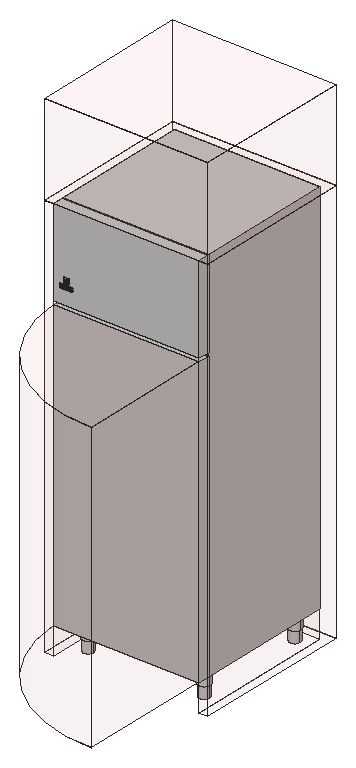
Revit family "QF_ELECTROLUXPROFESSIONAL_725222_ECBCFA100SE", category Attrezzature speciali, Revit 2018
Family settings
  Quota connettore circolare = Usa diametro
  Tipo di parte = Normale
  Basato su piano di lavoro = No
  Sempre verticale = Sì
  Taglio con vuoti quando caricato = No
  Condiviso = No
  Punto di calcolo locali = No
Parameters (values of type "Standard")
  Weight = 230.00 kg
  Watts = 4400 W
  Volts = 380 V
  URL Manufacturer = "https://www.electroluxprofessional.com/"
  URL = "https://www.electroluxprofessional.com/"
  Steam Supply Size = 0 mm
  Steam Supply Minimum Pressure = 0.0 Pa
  Steam Supply Maximum Pressure = 0.0 Pa
  Steam Consumption per Hour = 0
  Show Logo [instance] = yes
  Show Clearance [instance] = yes
  Refrigeration Suction Line Size = 0 mm
  Refrigeration Liquid Line Size = 0 mm
  Refrigerant Compressor Remote = yes
  Produttore = "Electrolux Professional"
  Phase = 3
  Modello = "ECBCFA100SE"
  Length Actual = 800 mm  # constant formula
  Item Number = "725222"
  Hot Water Size = 0 mm
  Height Actual = 2232 mm  # constant formula
  HP = "5.9 HP"
  Gas Size = 0 mm
  Gas KW = 0
  Gas Input Pressure = 0 W
  Direct Waste Size = 0 mm
  Descrizione = "BLAST CHILLER/FREEZER CW 100KG 20 GN 1/1 - R452A"
  Depth Actual = 833 mm  # constant formula
  Cycle = 50 Hz
  Condensate Return Size = 0 mm
  Compressed Air Volume = 0.0 L/s
  Compressed Air Size = 0 mm
  Compressed Air Pressure = 0.0 Pa
  Cold Water Size = 0 mm
  Accessory = yes
Types (2, lengths in mm): name | URL | Produttore | Phase | Modello | Descrizione
  (no name) | 0 | 0 | 0 | 0 | 0
  Standard | "https://www.electroluxprofessional.com/" | "Electrolux Professional" | 3 | "ECBCFA100SE" | "BLAST CHILLER/FREEZER CW 100KG 20 GN 1/1 - R452A"
Values of the unnamed type that differ from the named types
  Weight = 0.00 kg
  Watts = 0 W
  Volts = 0 V
  URL Manufacturer = ""
  Item Number = ""
  HP = ""
  Cycle = 0 Hz
Reference planes
  plane 1 "Center X": y = 131.351
  plane 2: z = 0
  plane 3 "Center Y": x = -359
  plane 4 "LEFT": x = -759
  plane 5 "BACK": y = 547.851
  plane 6 "RIGHT": x = 41
  plane 7 "FRONT": y = -285.149
  plane 8: z = 153
  plane 9 "TOP": z = 2232
  plane 10: x = -678
  plane 11: y = 475.851
  plane 12: x = -40
  plane 13: y = -52.149
  plane 14: z = 2212
  plane 15: y = -1022.149
Forms (mm)
  Extrusion 1, solid, material "QF_Finishes_Stainless Steel"
    sketch origin (0, 0, 2232) x (-1, 0, 0) y (0, -1, 0)
      loop
        line (759, 220.149) -> (-41, 220.149) -> (-41, -547.851) -> (759, -547.851) -> (759, 220.149)
    from 0 to -2079
  Extrusion 2, solid, material "QF_Finishes_Stainless Steel"
    sketch origin (-499.727, 496.851, 2154) x (1, 0, 0) y (0, 0, -1)
      loop
        circle (121.727, 1974) r 10.5
    from 0 to 10
  Extrusion 3, solid, material "QF_Finishes_Stainless Steel"
    sketch origin (-1206.916, -1524, 1911.234) x (-1, 0, 0) y (0, -1, 0)
      loop
        line (-447.916, -1238.851) -> (-1247.916, -1238.851) -> (-1247.916, -1303.851) -> (-447.916, -1303.851) -> (-447.916, -1238.851)
    from 320.766 to -159.234
  Extrusion 4, solid, material "QF_Finishes_Stainless Steel"
    sketch origin (-1206.916, -1636, 183) x (0, -1, 0) y (-1, 0, 0)
      loop
        circle (-1673.851, -847.916) r 9.5
    from 30 to 40
  Extrusion 5, solid, material "QF_Finishes_Stainless Steel"
    sketch origin (-623, 0, 1593.279) x (1, 0, 0) y (0, 1, 0)
      loop
        line (664, -285.149) -> (664, -220.149) -> (-136, -220.149) -> (-136, -285.149) -> (664, -285.149)
    from 139.721 to -1440.279
  Extrusion 6, solid, material "QF_Clearance", visible <- "Show Clearance"
    sketch origin (0, 0, 0) x (1, 0, 0) y (0, 1, 0)
      loop
        line (-759, 547.851) -> (41, 547.851) -> (41, -285.149) -> (91, -285.149) -> (91, 597.851) -> (-809, 597.851) -> (-809, -285.149) -> (-759, -285.149) -> (-759, 547.851)
    from 0 to 2232
  Extrusion 7, solid, material "QF_Clearance", visible <- "Show Clearance"
    sketch origin (0, 0, 0) x (1, 0, 0) y (0, 1, 0)
      loop
        line (-809, 597.851) -> (-809, -285.149) -> (91, -285.149) -> (91, 597.851) -> (-809, 597.851)
    from 2232 to 2732
  Extrusion 8, solid, material "QF_Clearance"
    sketch origin (0, 0, 0) x (1, 0, 0) y (0, 1, 0)
      loop
        line (41, -1022.149) -> (41, -285.149) -> (-759, -285.149)
        arc (-759, -285.149) -> (-508.136, -815.533) -> (41, -1022.149) r 781.976
    from 153 to 1733
  Extrusion 9, solid, material "QF_Finishes_Stainless Steel"
    sketch origin (-1206.916, 517.851, 128.149) x (1, 0, 0) y (0, 0, -1)
      loop
        circle (847.916, -1673.851) r 9.5
    from 30 to 40
Cuts and joins
  joined: Extrusion 1, Extrusion 2, Extrusion 4
Lines and regions (mm)
  Split face 1
    outline origin (41, -285.149, 1561.234) x (-1, 0, 0) y (0, 0, -1)
      loop
        line (800, -272) -> (600, -272) -> (575.858, -247.858) -> (224.142, -247.858) -> (200, -272) -> (0, -272)
  Split face 2
    outline origin (41, -285.149, 1561.234) x (-1, 0, 0) y (0, 0, -1)
      loop
        line (800, -232) -> (0, -232)
  Split face 3
    outline origin (22, -285.149, 1561.234) x (-1, 0, 0) y (0, 0, -1)
      loop
        line (408.5, -305.998) -> (408.5, -290.998) -> (353.5, -290.998) -> (353.5, -305.998) -> (408.5, -305.998)
  Split face 4
    outline origin (22, -285.149, 1536.234) x (-1, 0, 0) y (0, 0, -1)
      loop
        line (408.5, -305.998) -> (408.5, -290.998) -> (353.5, -290.998) -> (353.5, -305.998) -> (408.5, -305.998)
  Split face 5
    outline origin (41, -285.149, 1911.234) x (-1, 0, 0) y (0, 0, -1)
      loop
        line (800, 18.234) -> (0, 18.234)
  symbolic lines
    curve 1: line (-759, 547.851, 2232) -> (41, 547.851, 2232)
    curve 2: line (-759, -285.149, 2232) -> (-759, 547.851, 2232)
    curve 3: line (41, 547.851, 2232) -> (41, -285.149, 2232)
    curve 4: line (41, -285.149, 0) -> (-759, -285.149, 0)
  symbolic lines, style "QF_Clearances"
    curve 5: line (-809, 597.851, 0) -> (-809, -285.149, 0)
    curve 6: line (-809, -285.149, 0) -> (-759, -285.149, 0)
    curve 7: line (91, 597.851, 0) -> (91, -285.149, 0)
    curve 8: line (41, -285.149, 0) -> (91, -285.149, 0)
    curve 9: line (91, 597.851, 0) -> (-809, 597.851, 0)
  symbolic lines, style "QF_Door-Drawer Clearances"
    curve 10: arc (-759, -285.149, 0) -> (-508.136, -815.533, 0) -> (41, -1022.149, 0) r 781.976
    curve 11: line (41, -1022.149, 0) -> (41, -285.149, 0)
Dimensions and locks
  equal spacing: plane 4 "LEFT", plane 3 "Center Y", plane 6 "RIGHT"
  plane 4 "LEFT" to plane 6 "RIGHT" = 800 mm
  plane 5 "BACK" to plane 7 "FRONT" = 833 mm
  equal spacing: plane 5 "BACK", plane 1 "Center X", plane 7 "FRONT"
  cut or joined group of Extrusion 1, Extrusion 2, Extrusion 4 to Extrusion 2 sketch curve = 381 mm
  level to Extrusion 2 sketch curve = 180 mm
  plane 5 "BACK" to Extrusion 4 sketch curve = 510 mm
  plane 4 "LEFT" to Extrusion 4 sketch curve = 400 mm
  Extrusion 2 sketch curve to plane 4 "LEFT" = 381 mm
  plane 9 "TOP" to plane 2 = 2232 mm
  locked: plane 9 "TOP" to plane 14 at 20
  plane 8 to level = 153 mm
  plane 6 "RIGHT" to plane 12 = 81 mm
  plane 5 "BACK" to plane 15 = 1570 mm
  aligned and locked: level to plane 2
  aligned and locked: plane 12 to nested 3
  aligned and locked: plane 12 to nested 2
  aligned and locked: nested 4 to plane 11
  aligned and locked: nested 3 to plane 11
  aligned and locked: Extrusion 1 to plane 4 "LEFT"
  aligned and locked: plane 6 "RIGHT" to Extrusion 1
  aligned and locked: Extrusion 7 sketch curve to Extrusion 6  (x3)
  aligned and locked: Extrusion 7 to plane 9 "TOP"
  aligned and locked: Extrusion 1 to plane 8
  aligned and locked: plane 10 to nested 1
  aligned and locked: plane 10 to nested 4
  aligned and locked: plane 9 "TOP" to Extrusion 1
  aligned and locked: plane 9 "TOP" to Extrusion 6
  aligned and locked: plane 5 "BACK" to Extrusion 1 sketch curve
Automatic sketch dimensions
  curve 6 to plane 7 "FRONT" = 0 mm
  curve 4 to plane 4 "LEFT" = 0 mm
  curve 8 to plane 6 "RIGHT" = 0 mm
  curve 1 to plane 5 "BACK" = 0 mm
  curve 1 to plane 6 "RIGHT" = 0 mm
  curve 2 to plane 4 "LEFT" = 0 mm
  curve 3 to plane 7 "FRONT" = 0 mm
  curve 2 to plane 7 "FRONT" = 0 mm
  Extrusion 3 sketch curve to plane 6 "RIGHT" = 0 mm
  Extrusion 3 sketch curve to plane 4 "LEFT" = 0 mm
  Extrusion 3 sketch curve to plane 7 "FRONT" = 0 mm
  Extrusion 3 sketch curve to Extrusion 3 sketch curve = 65 mm
  Extrusion 5 sketch curve to plane 4 "LEFT" = 0 mm
  Extrusion 5 sketch curve to plane 6 "RIGHT" = 0 mm
  Extrusion 5 sketch curve to plane 7 "FRONT" = 0 mm
  Extrusion 5 sketch curve to Extrusion 5 sketch curve = 65 mm
  Split face 1 sketch curve to Extrusion 3 = 0 mm
  Extrusion 3 to Split face 1 sketch curve = 0 mm
  Split face 1 sketch curve to Extrusion 3 = 81.234 mm
  Split face 1 sketch curve to Split face 1 sketch curve = 200 mm
  Split face 1 sketch curve to Split face 1 sketch curve = 24.142 mm  (x3)
  Split face 1 sketch curve to Extrusion 3 = 57.092 mm
  Split face 1 sketch curve to Extrusion 3 = 224.142 mm
  Split face 2 sketch curve to Extrusion 3 = 0 mm
  Extrusion 3 to Split face 2 sketch curve = 0 mm
  Split face 2 sketch curve to Extrusion 3 = 41.234 mm
  Split face 3 sketch curve to Extrusion 3 = 115.232 mm
  Split face 3 sketch curve to Extrusion 3 = 372.5 mm
  Split face 3 sketch curve to Split face 3 sketch curve = 55 mm
  Split face 3 sketch curve to Split face 3 sketch curve = 15 mm
  Split face 4 sketch curve to Extrusion 3 = 90.232 mm
  Split face 4 sketch curve to Extrusion 3 = 372.5 mm
  Split face 4 sketch curve to Split face 4 sketch curve = 55 mm
  Split face 4 sketch curve to Split face 4 sketch curve = 15 mm
  Split face 5 sketch curve to Extrusion 3 = 0 mm
  Extrusion 3 to Split face 5 sketch curve = 0 mm
  Split face 5 sketch curve to Extrusion 3 = 141 mm
  Extrusion 8 sketch curve to plane 4 "LEFT" = 0 mm
  Extrusion 8 sketch curve to plane 6 "RIGHT" = 0 mm
  Extrusion 8 sketch curve to plane 15 = 0 mm
  Extrusion 8 sketch curve to plane 7 "FRONT" = 0 mm
  Extrusion 8 sketch curve to plane 6 "RIGHT" = 19.305 mm
  Extrusion 9 sketch curve to plane 3 "Center Y" = 0 mm
  plane 8 to Extrusion 9 sketch curve = 1649 mm
  Extrusion 6 sketch curve to plane 7 "FRONT" = 0 mm  (x2)
  Extrusion 6 sketch curve to plane 6 "RIGHT" = 0 mm
  Extrusion 6 sketch curve to plane 4 "LEFT" = 50 mm
  plane 6 "RIGHT" to Extrusion 6 sketch curve = 50 mm
  plane 5 "BACK" to Extrusion 6 sketch curve = 50 mm
  Extrusion 6 sketch curve to plane 5 "BACK" = 0 mm
  Extrusion 6 sketch curve to plane 4 "LEFT" = 0 mm
  plane 5 "BACK" to Extrusion 7 sketch curve = 50 mm
  Extrusion 1 sketch curve to plane 6 "RIGHT" = 0 mm
  Extrusion 1 sketch curve to plane 4 "LEFT" = 0 mm
  plane 7 "FRONT" to Extrusion 1 sketch curve = 65 mm
  curve 10 to plane 15 = 0 mm
  curve 10 to plane 6 "RIGHT" = 19.305 mm
  plane 6 "RIGHT" to curve 9 = 50 mm
  plane 5 "BACK" to curve 7 = 50 mm
  curve 9 to plane 4 "LEFT" = 50 mm
  radius of Extrusion 2 sketch curve = 10.5 mm
  radius of Extrusion 4 sketch curve = 9.5 mm
  radius of Extrusion 9 sketch curve = 9.5 mm
Nested families
  nested 1: "Foot_Complete" at (-678, -148.149, 0), type "Foot_Complete"
    with H 153 mm
  nested 2: "Foot_Complete" at (-40, -148.149, 0), type "Foot_Complete"
    with H 153 mm
  nested 3: "Foot_Complete" at (-40, 475.851, 0), type "Foot_Complete"
    with H 153 mm
  nested 4: "Foot_Complete" at (-678, 475.851, 0), type "Foot_Complete"
    with H 153 mm
  nested 5: "ELX_Pro_Logo" at (-689, -285.149, 1859.25) x (1, 0, 0) z (0, -1, 0), type "ELX_Pro_Logo"
Connectors
  piping at (-359, 37.851, 143), diameter 19
    settings: on cut or joined group of Extrusion 1, Extrusion 2, Extrusion 4, index 6, connector inside diameter 609.6 mm, connector length 0 mm, flow factor 0, pipe flow 0.0 L/s, pressure drop 0.0 Pa, fitting loss kfactor 0, connector angle 0.00°, fixture units 0, engagement length 0 mm, angle of deflection 0.00°, flow configuration 1, flow direction 2, fitting loss method 0, system type 16, joint type 0, gender type 0, connector reference index -1, connector utility 0, adjustable connector no, is connector primary yes, connector description "Drain"
  electrical at (-359, 557.851, 1802)
    settings: on Extrusion 9, index 7, voltage 0 V, apparent load 0 VA, apparent load phase1 0 VA, apparent load phase2 0 VA, apparent load phase3 0 VA, power factor 1, load classification "Altro", number of poles 1, system type 30, power factor state 1, is connector primary yes, connector utility no, sub classification motor no, connector description ""
Definition of nested family "Foot_Complete"
  Parameters
    R = 32 mm
    H = 150 mm
  Reference planes
    plane 1 "Centro (Fronte/Retro)": y = 0
    plane 2: z = 0
    plane 3 "Centro (Sinistra/Destra)": x = 0
    plane 4: z = 150
  Forms (mm)
    Revolve 1, solid
      sketch origin (255.05, 0, 608.09) x (0, 0, 1) y (-1, 0, 0)
        loop
          line (-608.09, 255.05) -> (-608.09, 226.55) -> (-544.09, 226.55) -> (-544.09, 223.05) -> (-458.09, 223.05) -> (-458.09, 255.05) -> (-608.09, 255.05)
        axis (-608.09, 255.05) -> (-458.09, 255.05)
      angle from 0 to 360
  Dimensions and locks
    locked: level to Revolve 1 sketch curve at 64
    "R": Revolve 1 sketch curve to plane 3 "Centro (Sinistra/Destra)"
    "H": plane 4 to level
    aligned and locked: level to plane 2
    aligned and locked: plane 4 to Revolve 1 sketch curve
    aligned and locked: Revolve 1 sketch curve to level
    aligned and locked: plane 3 "Centro (Sinistra/Destra)" to Revolve 1 sketch curve
  Automatic sketch dimensions
    Revolve 1 sketch curve to plane 3 "Centro (Sinistra/Destra)" = 0 mm
    plane 3 "Centro (Sinistra/Destra)" to Revolve 1 sketch curve = 28.5 mm
    Revolve 1 sketch curve to Revolve 1 sketch curve = 50 mm
    Revolve 1 sketch curve to Revolve 1 sketch curve = 20 mm
Definition of nested family "ELX_Pro_Logo"
  Parameters (values of type "ELX_Pro_Logo")
    M = none
    Default Elevation = 0 mm
  Reference planes
    plane 1 "Centro (Fronte/Retro)": y = 0
    plane 2: z = 0
    plane 3 "Centro (Sinistra/Destra)": x = 0
  Forms (mm)
    Extrusion 1, solid
      sketch origin (0, 0, 0) x (1, 0, 0) y (0, 1, 0)
        loop
          line (-1219.2, 1219.2) -> (-1219.2, -1219.2) -> (1219.2, -1219.2) -> (1219.2, 1219.2) -> (-1219.2, 1219.2)
      from 0 to -304.8
    Extrusion 2, solid, material <- "M"
      sketch origin (-144.622, -1081.55, 0) x (-1, 0, 0) y (0, -1, 0)
        loop
          line (-111.329, -1069.559) -> (-111.329, -1071.073) -> (-116.048, -1071.073) -> (-116.048, -1072.896) -> (-111.328, -1072.896) -> (-111.328, -1075.549) -> (-116.349, -1075.549) -> (-116.349, -1077.368) -> (-109.396, -1077.368) -> (-109.396, -1073.46) -> (-109.396, -1069.659)
          arc (-109.396, -1069.659) -> (-110.425, -1067.175) -> (-112.909, -1066.146) r 3.513
          line (-112.909, -1066.146) -> (-116.483, -1066.146) -> (-116.483, -1067.963) -> (-112.925, -1067.963)
          arc (-112.925, -1067.963) -> (-111.797, -1068.431) -> (-111.329, -1069.559) r 1.596
        loop
          line (-119.79, -1077.358) -> (-117.856, -1077.358) -> (-117.856, -1072.053) -> (-117.856, -1066.132) -> (-119.79, -1066.132) -> (-119.79, -1072.092) -> (-119.79, -1077.358)
        loop
          line (-122.986, -1069.718) -> (-129.327, -1069.718)
          arc (-129.327, -1069.718) -> (-129.219, -1071.449) -> (-128.497, -1073.026) r 4.757
          arc (-128.497, -1073.026) -> (-125.237, -1074.5) -> (-121.978, -1073.026) r 4.34
          arc (-121.978, -1073.026) -> (-121.072, -1070.207) -> (-121.978, -1067.388) r 4.838
          arc (-121.978, -1067.388) -> (-125.393, -1065.933) -> (-128.809, -1067.388) r 4.737
          line (-128.809, -1067.388) -> (-127.645, -1068.52)
          arc (-127.645, -1068.52) -> (-125.509, -1067.576) -> (-123.374, -1068.52) r 2.888
          arc (-123.374, -1068.52) -> (-123.05, -1069.077) -> (-122.986, -1069.718) r 1.527
        loop
          arc (-127.386, -1071.076) -> (-126.67, -1072.331) -> (-125.331, -1072.872) r 2.201
          arc (-125.331, -1072.872) -> (-123.848, -1072.402) -> (-123.033, -1071.076) r 2.23
          line (-123.033, -1071.076) -> (-127.386, -1071.076)
        loop
          line (-136.862, -1071.886) -> (-138.059, -1073.132)
          arc (-138.059, -1073.132) -> (-130.327, -1070.219) -> (-138.059, -1067.306) r 4.415
          line (-138.059, -1067.306) -> (-136.862, -1068.553)
          arc (-136.862, -1068.553) -> (-132.252, -1070.22) -> (-136.862, -1071.886) r 2.606
        loop
          line (-141.192, -1069.673) -> (-141.192, -1072.494) -> (-142.951, -1072.494) -> (-142.951, -1074.25) -> (-141.195, -1074.25) -> (-141.195, -1077.358) -> (-139.262, -1077.358) -> (-139.262, -1073.332) -> (-139.262, -1069.514)
          arc (-139.262, -1069.514) -> (-140.299, -1066.92) -> (-142.98, -1066.132) r 3.196
          line (-142.98, -1066.132) -> (-142.987, -1067.949)
          arc (-142.987, -1067.949) -> (-141.652, -1068.356) -> (-141.192, -1069.673) r 1.542
        loop
          line (-146.494, -1073.042) -> (-146.494, -1074.25) -> (-144.576, -1074.25) -> (-144.576, -1070.271) -> (-144.576, -1066.132) -> (-146.494, -1066.132) -> (-146.494, -1070.401)
          arc (-146.494, -1070.401) -> (-147.446, -1072.228) -> (-149.489, -1072.494) r 2.229
          line (-149.489, -1072.494) -> (-149.489, -1074.362)
          arc (-149.489, -1074.362) -> (-147.761, -1074.226) -> (-146.494, -1073.042) r 2.627
        loop
          line (-159.833, -1072.246) -> (-159.833, -1066.131) -> (-161.767, -1066.131) -> (-161.767, -1072.17) -> (-161.767, -1077.359) -> (-159.833, -1077.359) -> (-159.833, -1072.246)
        loop
          line (-165.194, -1069.514) -> (-165.194, -1074.25) -> (-163.245, -1074.25) -> (-163.245, -1071.898) -> (-163.245, -1069.098)
          arc (-163.245, -1069.098) -> (-166.96, -1065.769) -> (-170.687, -1069.085) r 3.745
          line (-170.687, -1069.085) -> (-170.687, -1071.898) -> (-170.687, -1074.25) -> (-168.739, -1074.25) -> (-168.739, -1069.514)
          arc (-168.739, -1069.514) -> (-166.967, -1067.742) -> (-165.194, -1069.514) r 1.772
        loop
          line (-174.654, -1070.416) -> (-172.975, -1068.078) -> (-171.578, -1066.131) -> (-173.656, -1066.131) -> (-175.717, -1068.999) -> (-177.779, -1066.131) -> (-179.857, -1066.131) -> (-178, -1068.728) -> (-176.781, -1070.433) -> (-178.29, -1072.488) -> (-179.583, -1074.25) -> (-177.473, -1074.25) -> (-175.717, -1071.818) -> (-173.945, -1074.25) -> (-171.852, -1074.25) -> (-173.052, -1072.608) -> (-174.654, -1070.416)
        loop
          circle (-154.223, -1070.188) r 2.508
        loop
          circle (-154.223, -1070.188) r 4.42
        loop
          line (-110.224, -1058.542) -> (-111.194, -1058.542)
          arc (-111.194, -1058.542) -> (-112.217, -1059.95) -> (-110.924, -1061.114) r 1.3
          line (-110.924, -1061.114) -> (-109.424, -1061.114) -> (-109.424, -1057.223) -> (-110.224, -1057.223) -> (-110.224, -1058.542)
        loop
          line (-110.224, -1060.379) -> (-110.224, -1059.293) -> (-111.03, -1059.293)
          arc (-111.03, -1059.293) -> (-111.43, -1059.836) -> (-111.03, -1060.379) r 0.569
          line (-111.03, -1060.379) -> (-110.224, -1060.379)
        loop
          line (-116.302, -1058.564) -> (-117.128, -1058.564) -> (-117.934, -1057.223) -> (-118.841, -1057.223) -> (-117.833, -1058.884)
          arc (-117.833, -1058.884) -> (-118.214, -1060.282) -> (-117.028, -1061.114) r 1.26
          line (-117.028, -1061.114) -> (-115.503, -1061.114) -> (-115.503, -1057.223) -> (-116.302, -1057.223) -> (-116.302, -1058.564)
        loop
          line (-116.302, -1060.379) -> (-116.302, -1059.293) -> (-117.109, -1059.293)
          arc (-117.109, -1059.293) -> (-117.508, -1059.836) -> (-117.109, -1060.379) r 0.569
          line (-117.109, -1060.379) -> (-116.302, -1060.379)
        loop
          line (-128.923, -1057.223) -> (-129.723, -1057.223) -> (-129.723, -1058.714) -> (-131.187, -1058.714) -> (-131.187, -1059.514) -> (-129.723, -1059.514) -> (-129.723, -1060.314) -> (-131.327, -1060.314) -> (-131.327, -1061.114) -> (-128.923, -1061.114) -> (-128.923, -1057.223)
        loop
          arc (-134.628, -1058.469) -> (-134.992, -1057.588) -> (-135.874, -1057.223) r 1.246
          line (-135.874, -1057.223) -> (-137.13, -1057.223) -> (-137.13, -1058.023) -> (-135.969, -1058.023)
          arc (-135.969, -1058.023) -> (-135.53, -1058.237) -> (-135.427, -1058.714) r 0.558
          line (-135.427, -1058.714) -> (-136.984, -1058.714) -> (-136.984, -1059.514) -> (-135.427, -1059.514) -> (-135.427, -1060.314) -> (-137.092, -1060.314) -> (-137.092, -1061.114) -> (-134.628, -1061.114) -> (-134.628, -1058.469)
        loop
          line (-152.3, -1057.223) -> (-153.1, -1057.223) -> (-153.1, -1061.114) -> (-152.3, -1061.114) -> (-152.3, -1057.223)
        loop
          line (-164.67, -1057.223) -> (-164.67, -1059.67) -> (-166.45, -1057.223) -> (-167.25, -1057.223) -> (-167.25, -1061.114) -> (-166.42, -1061.114) -> (-166.42, -1058.594) -> (-164.64, -1061.114) -> (-163.84, -1061.114) -> (-163.84, -1057.223) -> (-164.67, -1057.223)
        loop
          line (-170.403, -1057.223) -> (-171.262, -1057.223) -> (-171.641, -1058.063) -> (-173.08, -1058.063) -> (-173.459, -1057.223) -> (-174.317, -1057.223) -> (-172.796, -1061.113) -> (-171.996, -1061.113) -> (-170.403, -1057.223)
        loop
          line (-177.493, -1057.223) -> (-179.789, -1057.223) -> (-179.789, -1058.023) -> (-178.293, -1058.023) -> (-178.293, -1061.114) -> (-177.493, -1061.114) -> (-177.493, -1057.223)
        loop
          line (-172.362, -1059.848) -> (-171.945, -1058.83) -> (-172.76, -1058.83) -> (-172.362, -1059.848)
        loop
          circle (-158.484, -1059.145) r 1.288
        loop
          circle (-158.484, -1059.145) r 2.065
        loop
          arc (-146.04, -1058.095) -> (-146.933, -1057.275) -> (-148.145, -1057.245) r 1.725
          arc (-148.145, -1057.245) -> (-148.965, -1058.02) -> (-148.68, -1059.111) r 1.107
          arc (-148.68, -1059.111) -> (-148.103, -1059.465) -> (-147.486, -1059.746) r 5.523
          arc (-147.486, -1059.746) -> (-147.147, -1060.262) -> (-147.708, -1060.52) r 0.407
          arc (-147.708, -1060.52) -> (-148.045, -1060.315) -> (-148.325, -1060.038) r 1.702
          line (-148.325, -1060.038) -> (-149.011, -1060.45)
          arc (-149.011, -1060.45) -> (-148.578, -1060.911) -> (-148.043, -1061.247) r 2.463
          arc (-148.043, -1061.247) -> (-146.373, -1060.466) -> (-147.42, -1058.949) r 1.207
          spline (-147.42, -1058.949) -> (-147.716, -1058.809) -> (-147.932, -1058.678) -> (-148.077, -1058.557) -> (-148.163, -1058.446) -> (-148.198, -1058.347) -> (-148.192, -1058.258) -> (-148.157, -1058.182) -> (-148.102, -1058.118) -> (-148.037, -1058.068) -> (-147.972, -1058.031) -> (-147.917, -1058.008) -> (-147.883, -1058)
          arc (-147.883, -1058) -> (-147.238, -1058.014) -> (-146.759, -1058.446) r 0.925
          line (-146.759, -1058.446) -> (-146.04, -1058.095)
        loop
          arc (-140.18, -1058.095) -> (-141.073, -1057.275) -> (-142.285, -1057.245) r 1.725
          arc (-142.285, -1057.245) -> (-143.106, -1058.02) -> (-142.821, -1059.111) r 1.107
          arc (-142.821, -1059.111) -> (-142.243, -1059.465) -> (-141.627, -1059.746) r 5.523
          arc (-141.627, -1059.746) -> (-141.287, -1060.262) -> (-141.849, -1060.52) r 0.407
          arc (-141.849, -1060.52) -> (-142.185, -1060.315) -> (-142.466, -1060.038) r 1.702
          line (-142.466, -1060.038) -> (-143.151, -1060.45)
          arc (-143.151, -1060.45) -> (-142.719, -1060.911) -> (-142.183, -1061.247) r 2.463
          arc (-142.183, -1061.247) -> (-140.513, -1060.466) -> (-141.56, -1058.949) r 1.207
          spline (-141.56, -1058.949) -> (-141.856, -1058.809) -> (-142.072, -1058.678) -> (-142.218, -1058.557) -> (-142.303, -1058.446) -> (-142.338, -1058.347) -> (-142.333, -1058.258) -> (-142.298, -1058.182) -> (-142.242, -1058.118) -> (-142.177, -1058.068) -> (-142.112, -1058.031) -> (-142.057, -1058.008) -> (-142.023, -1058)
          arc (-142.023, -1058) -> (-141.378, -1058.014) -> (-140.9, -1058.446) r 0.925
          line (-140.9, -1058.446) -> (-140.18, -1058.095)
        loop
          circle (-123.484, -1059.145) r 1.288
        loop
          circle (-123.484, -1059.145) r 2.065
        loop
          line (-130.225, -1113.361) -> (-130.225, -1084.645) -> (-158.979, -1084.645) -> (-158.979, -1113.361) -> (-130.225, -1113.361)
        loop
          arc (-148.442, -1086.055) -> (-157.992, -1098.973) -> (-148.442, -1111.892) r 13.512
          line (-148.442, -1111.892) -> (-148.442, -1086.055)
        loop
          line (-147.127, -1086.055) -> (-147.127, -1087.926)
          arc (-147.127, -1087.926) -> (-143.116, -1095.125) -> (-135.48, -1098.224) r 12.412
          line (-135.48, -1098.224) -> (-131.205, -1098.224)
          arc (-131.205, -1098.224) -> (-136.382, -1088.497) -> (-147.127, -1086.055) r 13.242
        loop
          line (-147.127, -1110.021) -> (-147.127, -1112.224)
          arc (-147.127, -1112.224) -> (-136.374, -1109.53) -> (-131.205, -1099.722) r 13.588
          line (-131.205, -1099.722) -> (-135.48, -1099.722)
          arc (-135.48, -1099.722) -> (-143.116, -1102.822) -> (-147.127, -1110.021) r 12.412
      from 0 to 1.6
  Lines and regions (mm)
    symbolic lines
      curve 1: line (-14.357, 31.811, 0) -> (14.357, 31.811, 0)
      curve 2: line (-14.357, 3.095, 0) -> (-14.357, 31.811, 0)
      curve 3: line (14.357, 3.095, 0) -> (-14.357, 3.095, 0)
      curve 4: line (14.357, 31.811, 0) -> (14.357, 3.095, 0)
      curve 5: line (-8.32, 7.722, 0) -> (-9.387, 8.738, 0)
      curve 6: line (-9.387, 8.738, 0) -> (-10.331, 9.866, 0)
      curve 7: line (-10.331, 9.866, 0) -> (-11.141, 11.095, 0)
      curve 8: line (-11.141, 11.095, 0) -> (-11.805, 12.411, 0)
      curve 9: line (-11.805, 12.411, 0) -> (-12.31, 13.803, 0)
      curve 10: line (-12.31, 13.803, 0) -> (-12.646, 15.26, 0)
      curve 11: line (-12.646, 15.26, 0) -> (-12.8, 16.77, 0)
      curve 12: line (-12.8, 16.77, 0) -> (-10.081, 16.77, 0)
      curve 13: line (-10.081, 16.77, 0) -> (-8.466, 16.661, 0)
      curve 14: line (-8.466, 16.661, 0) -> (-6.88, 16.344, 0)
      curve 15: line (-6.88, 16.344, 0) -> (-5.345, 15.833, 0)
      curve 16: line (-5.345, 15.833, 0) -> (-3.882, 15.143, 0)
      curve 17: line (-3.882, 15.143, 0) -> (-2.511, 14.288, 0)
      curve 18: line (-2.511, 14.288, 0) -> (-1.255, 13.283, 0)
      curve 19: line (-1.255, 13.283, 0) -> (-0.135, 12.143, 0)
      curve 20: line (-0.135, 12.143, 0) -> (0.83, 10.882, 0)
      curve 21: line (0.83, 10.882, 0) -> (1.616, 9.515, 0)
      curve 22: arc (1.616, 9.515, 0) -> (2.419, 7.28, 0) -> (2.7, 4.923, 0) r 10.532
      curve 23: arc (2.7, 4.923, 0) -> (1.362, 4.715, 0) -> (0.011, 4.633, 0) r 14.39
      curve 24: line (0.011, 4.633, 0) -> (-1.56, 4.731, 0)
      curve 25: line (-1.56, 4.731, 0) -> (-3.062, 5.011, 0)
      curve 26: line (-3.062, 5.011, 0) -> (-4.502, 5.462, 0)
      curve 27: line (-4.502, 5.462, 0) -> (-5.866, 6.072, 0)
      curve 28: line (-5.866, 6.072, 0) -> (-7.142, 6.829, 0)
      curve 29: line (-7.142, 6.829, 0) -> (-8.32, 7.722, 0)
      curve 30: line (-10.802, 24.24, 0) -> (-9.872, 25.531, 0)
      curve 31: line (-9.872, 25.531, 0) -> (-8.796, 26.699, 0)
      curve 32: line (-8.796, 26.699, 0) -> (-7.587, 27.728, 0)
      curve 33: line (-7.587, 27.728, 0) -> (-6.258, 28.602, 0)
      curve 34: line (-6.258, 28.602, 0) -> (-4.823, 29.309, 0)
      curve 35: line (-4.823, 29.309, 0) -> (-3.293, 29.832, 0)
      curve 36: line (-3.293, 29.832, 0) -> (-1.683, 30.156, 0)
      curve 37: arc (-1.683, 30.156, 0) -> (0.517, 30.256, 0) -> (2.702, 29.984, 0) r 13.008
      curve 38: arc (2.702, 29.984, 0) -> (2.453, 27.616, 0) -> (1.617, 25.387, 0) r 9.395
      curve 39: line (1.617, 25.387, 0) -> (0.83, 24.018, 0)
      curve 40: line (0.83, 24.018, 0) -> (-0.134, 22.756, 0)
      curve 41: line (-0.134, 22.756, 0) -> (-1.255, 21.615, 0)
      curve 42: line (-1.255, 21.615, 0) -> (-2.512, 20.609, 0)
      curve 43: line (-2.512, 20.609, 0) -> (-3.882, 19.754, 0)
      curve 44: line (-3.882, 19.754, 0) -> (-5.346, 19.063, 0)
      curve 45: line (-5.346, 19.063, 0) -> (-6.881, 18.551, 0)
      curve 46: line (-6.881, 18.551, 0) -> (-8.467, 18.234, 0)
      curve 47: line (-8.467, 18.234, 0) -> (-10.083, 18.125, 0)
      curve 48: line (-10.083, 18.125, 0) -> (-12.798, 18.125, 0)
      curve 49: line (-12.798, 18.125, 0) -> (-12.584, 19.768, 0)
      curve 50: line (-12.584, 19.768, 0) -> (-12.171, 21.343, 0)
      curve 51: line (-12.171, 21.343, 0) -> (-11.572, 22.839, 0)
      curve 52: line (-11.572, 22.839, 0) -> (-10.802, 24.24, 0)
      curve 53: line (4.048, 5.294, 0) -> (4.048, 29.617, 0)
      curve 54: line (4.048, 29.617, 0) -> (5.525, 29.026, 0)
      curve 55: line (5.525, 29.026, 0) -> (6.905, 28.26, 0)
      curve 56: line (6.905, 28.26, 0) -> (8.174, 27.332, 0)
      curve 57: line (8.174, 27.332, 0) -> (9.318, 26.256, 0)
      curve 58: line (9.318, 26.256, 0) -> (10.323, 25.046, 0)
      curve 59: line (10.323, 25.046, 0) -> (11.177, 23.715, 0)
      curve 60: line (11.177, 23.715, 0) -> (11.865, 22.277, 0)
      curve 61: line (11.865, 22.277, 0) -> (12.375, 20.746, 0)
      curve 62: line (12.375, 20.746, 0) -> (12.693, 19.135, 0)
      curve 63: line (12.693, 19.135, 0) -> (12.804, 17.459, 0)
      curve 64: line (12.804, 17.459, 0) -> (12.702, 15.807, 0)
      curve 65: line (12.702, 15.807, 0) -> (12.396, 14.216, 0)
      curve 66: line (12.396, 14.216, 0) -> (11.897, 12.7, 0)
      curve 67: line (11.897, 12.7, 0) -> (11.218, 11.271, 0)
      curve 68: line (11.218, 11.271, 0) -> (10.372, 9.944, 0)
      curve 69: line (10.372, 9.944, 0) -> (9.37, 8.731, 0)
      curve 70: line (9.37, 8.731, 0) -> (8.224, 7.646, 0)
      curve 71: line (8.224, 7.646, 0) -> (6.947, 6.703, 0)
      curve 72: line (6.947, 6.703, 0) -> (5.551, 5.914, 0)
      curve 73: line (5.551, 5.914, 0) -> (4.048, 5.294, 0)
      curve 74: line (-35.227, -8.09, 0) -> (-35.227, -11.891, 0)
      curve 75: arc (-35.227, -11.891, 0) -> (-34.198, -14.375, 0) -> (-31.714, -15.404, 0) r 3.513
      curve 76: line (-31.714, -15.404, 0) -> (-28.139, -15.404, 0)
      curve 77: line (-28.139, -15.404, 0) -> (-28.139, -13.587, 0)
      curve 78: line (-28.139, -13.587, 0) -> (-31.697, -13.587, 0)
      curve 79: arc (-31.697, -13.587, 0) -> (-32.826, -13.119, 0) -> (-33.293, -11.991, 0) r 1.596
      curve 80: line (-33.293, -11.991, 0) -> (-33.293, -10.477, 0)
      curve 81: line (-33.293, -10.477, 0) -> (-28.574, -10.477, 0)
      curve 82: line (-28.574, -10.477, 0) -> (-28.574, -8.654, 0)
      curve 83: line (-28.574, -8.654, 0) -> (-33.294, -8.654, 0)
      curve 84: line (-33.294, -8.654, 0) -> (-33.294, -6.001, 0)
      curve 85: line (-33.294, -6.001, 0) -> (-28.273, -6.001, 0)
      curve 86: line (-28.273, -6.001, 0) -> (-28.273, -4.182, 0)
      curve 87: line (-28.273, -4.182, 0) -> (-35.227, -4.182, 0)
      curve 88: line (-35.227, -4.182, 0) -> (-35.227, -8.09, 0)
      curve 89: line (-24.833, -9.458, 0) -> (-24.833, -4.192, 0)
      curve 90: line (-24.833, -4.192, 0) -> (-26.766, -4.192, 0)
      curve 91: line (-26.766, -4.192, 0) -> (-26.766, -9.497, 0)
      curve 92: line (-26.766, -9.497, 0) -> (-26.766, -15.418, 0)
      curve 93: line (-26.766, -15.418, 0) -> (-24.833, -15.418, 0)
      curve 94: line (-24.833, -15.418, 0) -> (-24.833, -9.458, 0)
      curve 95: arc (-16.125, -8.524, 0) -> (-19.385, -7.05, 0) -> (-22.645, -8.524, 0) r 4.34
      curve 96: arc (-22.645, -8.524, 0) -> (-23.551, -11.343, 0) -> (-22.645, -14.162, 0) r 4.838
      curve 97: arc (-22.645, -14.162, 0) -> (-19.229, -15.617, 0) -> (-15.813, -14.162, 0) r 4.737
      curve 98: line (-15.813, -14.162, 0) -> (-16.978, -13.03, 0)
      curve 99: arc (-16.978, -13.03, 0) -> (-19.113, -13.974, 0) -> (-21.249, -13.03, 0) r 2.888
      curve 100: arc (-21.249, -13.03, 0) -> (-21.572, -12.473, 0) -> (-21.637, -11.832, 0) r 1.527
      curve 101: line (-21.637, -11.832, 0) -> (-15.295, -11.832, 0)
      curve 102: arc (-15.295, -11.832, 0) -> (-15.404, -10.101, 0) -> (-16.125, -8.524, 0) r 4.757
      curve 103: line (-17.236, -10.474, 0) -> (-21.589, -10.474, 0)
      curve 104: arc (-21.589, -10.474, 0) -> (-20.774, -9.148, 0) -> (-19.291, -8.678, 0) r 2.23
      curve 105: arc (-19.291, -8.678, 0) -> (-17.952, -9.219, 0) -> (-17.236, -10.474, 0) r 2.201
      curve 106: arc (-6.563, -8.418, 0) -> (-14.295, -11.331, 0) -> (-6.563, -14.244, 0) r 4.415
      curve 107: line (-6.563, -14.244, 0) -> (-7.761, -12.997, 0)
      curve 108: arc (-7.761, -12.997, 0) -> (-12.371, -11.33, 0) -> (-7.761, -9.664, 0) r 2.606
      curve 109: line (-7.761, -9.664, 0) -> (-6.563, -8.418, 0)
      curve 110: line (-5.361, -4.192, 0) -> (-5.361, -8.218, 0)
      curve 111: line (-5.361, -8.218, 0) -> (-5.361, -12.036, 0)
      curve 112: arc (-5.361, -12.036, 0) -> (-4.323, -14.63, 0) -> (-1.642, -15.418, 0) r 3.196
      curve 113: line (-1.642, -15.418, 0) -> (-1.636, -13.601, 0)
      curve 114: arc (-1.636, -13.601, 0) -> (-2.97, -13.194, 0) -> (-3.43, -11.877, 0) r 1.542
      curve 115: line (-3.43, -11.877, 0) -> (-3.43, -9.056, 0)
      curve 116: line (-3.43, -9.056, 0) -> (-1.672, -9.056, 0)
      curve 117: line (-1.672, -9.056, 0) -> (-1.672, -7.299, 0)
      curve 118: line (-1.672, -7.299, 0) -> (-3.427, -7.299, 0)
      curve 119: line (-3.427, -7.299, 0) -> (-3.427, -4.192, 0)
      curve 120: line (-3.427, -4.192, 0) -> (-5.361, -4.192, 0)
      curve 121: line (1.872, -7.3, 0) -> (-0.046, -7.3, 0)
      curve 122: line (-0.046, -7.3, 0) -> (-0.046, -11.279, 0)
      curve 123: line (-0.046, -11.279, 0) -> (-0.046, -15.418, 0)
      curve 124: line (-0.046, -15.418, 0) -> (1.872, -15.418, 0)
      curve 125: line (1.872, -15.418, 0) -> (1.872, -11.149, 0)
      curve 126: arc (1.872, -11.149, 0) -> (2.824, -9.322, 0) -> (4.867, -9.056, 0) r 2.229
      curve 127: line (4.867, -9.056, 0) -> (4.867, -7.188, 0)
      curve 128: arc (4.867, -7.188, 0) -> (3.138, -7.324, 0) -> (1.872, -8.508, 0) r 2.627
      curve 129: line (1.872, -8.508, 0) -> (1.872, -7.3, 0)
      curve 130: arc (7.092, -11.362, 0) -> (9.601, -8.854, 0) -> (12.109, -11.362, 0) r 2.508
      curve 131: arc (12.109, -11.362, 0) -> (9.601, -13.871, 0) -> (7.092, -11.362, 0) r 2.508
      curve 132: arc (5.18, -11.362, 0) -> (9.601, -15.783, 0) -> (14.021, -11.362, 0) r 4.42
      curve 133: arc (14.021, -11.362, 0) -> (9.601, -6.942, 0) -> (5.18, -11.362, 0) r 4.42
      curve 134: line (15.211, -4.191, 0) -> (15.211, -9.304, 0)
      curve 135: line (15.211, -9.304, 0) -> (15.211, -15.419, 0)
      curve 136: line (15.211, -15.419, 0) -> (17.145, -15.419, 0)
      curve 137: line (17.145, -15.419, 0) -> (17.145, -9.38, 0)
      curve 138: line (17.145, -9.38, 0) -> (17.145, -4.191, 0)
      curve 139: line (17.145, -4.191, 0) -> (15.211, -4.191, 0)
      curve 140: line (18.622, -7.299, 0) -> (18.622, -9.652, 0)
      curve 141: line (18.622, -9.652, 0) -> (18.622, -12.452, 0)
      curve 142: arc (18.622, -12.452, 0) -> (22.338, -15.781, 0) -> (26.064, -12.465, 0) r 3.745
      curve 143: line (26.064, -12.465, 0) -> (26.064, -9.652, 0)
      curve 144: line (26.064, -9.652, 0) -> (26.064, -7.299, 0)
      curve 145: line (26.064, -7.299, 0) -> (24.116, -7.299, 0)
      curve 146: line (24.116, -7.299, 0) -> (24.116, -12.036, 0)
      curve 147: arc (24.116, -12.036, 0) -> (22.344, -13.808, 0) -> (20.572, -12.036, 0) r 1.772
      curve 148: line (20.572, -12.036, 0) -> (20.572, -7.299, 0)
      curve 149: line (20.572, -7.299, 0) -> (18.622, -7.299, 0)
      curve 150: line (28.43, -8.942, 0) -> (30.032, -11.134, 0)
      curve 151: line (30.032, -11.134, 0) -> (28.353, -13.472, 0)
      curve 152: line (28.353, -13.472, 0) -> (26.955, -15.419, 0)
      curve 153: line (26.955, -15.419, 0) -> (29.033, -15.419, 0)
      curve 154: line (29.033, -15.419, 0) -> (31.095, -12.551, 0)
      curve 155: line (31.095, -12.551, 0) -> (33.156, -15.419, 0)
      curve 156: line (33.156, -15.419, 0) -> (35.234, -15.419, 0)
      curve 157: line (35.234, -15.419, 0) -> (33.378, -12.822, 0)
      curve 158: line (33.378, -12.822, 0) -> (32.158, -11.117, 0)
      curve 159: line (32.158, -11.117, 0) -> (33.668, -9.062, 0)
      curve 160: line (33.668, -9.062, 0) -> (34.961, -7.3, 0)
      curve 161: line (34.961, -7.3, 0) -> (32.851, -7.3, 0)
      curve 162: line (32.851, -7.3, 0) -> (31.095, -9.732, 0)
      curve 163: line (31.095, -9.732, 0) -> (29.323, -7.3, 0)
      curve 164: line (29.323, -7.3, 0) -> (27.23, -7.3, 0)
      curve 165: line (27.23, -7.3, 0) -> (28.43, -8.942, 0)
      curve 166: line (-35.198, -20.436, 0) -> (-35.198, -24.327, 0)
      curve 167: line (-35.198, -24.327, 0) -> (-34.398, -24.327, 0)
      curve 168: line (-34.398, -24.327, 0) -> (-34.398, -23.008, 0)
      curve 169: line (-34.398, -23.008, 0) -> (-33.428, -23.008, 0)
      curve 170: arc (-33.428, -23.008, 0) -> (-32.405, -21.6, 0) -> (-33.699, -20.436, 0) r 1.3
      curve 171: line (-33.699, -20.436, 0) -> (-35.198, -20.436, 0)
      curve 172: line (-34.398, -22.257, 0) -> (-34.398, -21.171, 0)
      curve 173: line (-34.398, -21.171, 0) -> (-33.592, -21.171, 0)
      curve 174: arc (-33.592, -21.171, 0) -> (-33.192, -21.714, 0) -> (-33.592, -22.257, 0) r 0.569
      curve 175: line (-33.592, -22.257, 0) -> (-34.398, -22.257, 0)
      curve 176: line (-29.12, -20.436, 0) -> (-29.12, -24.327, 0)
      curve 177: line (-29.12, -24.327, 0) -> (-28.32, -24.327, 0)
      curve 178: line (-28.32, -24.327, 0) -> (-28.32, -22.986, 0)
      curve 179: line (-28.32, -22.986, 0) -> (-27.494, -22.986, 0)
      curve 180: line (-27.494, -22.986, 0) -> (-26.688, -24.327, 0)
      curve 181: line (-26.688, -24.327, 0) -> (-25.781, -24.327, 0)
      curve 182: line (-25.781, -24.327, 0) -> (-26.789, -22.666, 0)
      curve 183: arc (-26.789, -22.666, 0) -> (-26.409, -21.268, 0) -> (-27.594, -20.436, 0) r 1.26
      curve 184: line (-27.594, -20.436, 0) -> (-29.12, -20.436, 0)
      curve 185: line (-28.32, -22.257, 0) -> (-28.32, -21.171, 0)
      curve 186: line (-28.32, -21.171, 0) -> (-27.514, -21.171, 0)
      curve 187: arc (-27.514, -21.171, 0) -> (-27.114, -21.714, 0) -> (-27.514, -22.257, 0) r 0.569
      curve 188: line (-27.514, -22.257, 0) -> (-28.32, -22.257, 0)
      curve 189: arc (-22.427, -22.405, 0) -> (-21.138, -21.117, 0) -> (-19.85, -22.405, 0) r 1.288
      curve 190: arc (-19.85, -22.405, 0) -> (-21.138, -23.694, 0) -> (-22.427, -22.405, 0) r 1.288
      curve 191: arc (-23.203, -22.405, 0) -> (-21.138, -24.47, 0) -> (-19.074, -22.405, 0) r 2.065
      curve 192: arc (-19.074, -22.405, 0) -> (-21.138, -20.34, 0) -> (-23.203, -22.405, 0) r 2.065
      curve 193: line (-15.7, -20.436, 0) -> (-15.7, -24.327, 0)
      curve 194: line (-15.7, -24.327, 0) -> (-14.9, -24.327, 0)
      curve 195: line (-14.9, -24.327, 0) -> (-14.9, -22.836, 0)
      curve 196: line (-14.9, -22.836, 0) -> (-13.436, -22.836, 0)
      curve 197: line (-13.436, -22.836, 0) -> (-13.436, -22.036, 0)
      curve 198: line (-13.436, -22.036, 0) -> (-14.9, -22.036, 0)
      curve 199: line (-14.9, -22.036, 0) -> (-14.9, -21.236, 0)
      curve 200: line (-14.9, -21.236, 0) -> (-13.295, -21.236, 0)
      curve 201: line (-13.295, -21.236, 0) -> (-13.295, -20.436, 0)
      curve 202: line (-13.295, -20.436, 0) -> (-15.7, -20.436, 0)
      curve 203: line (-9.995, -20.436, 0) -> (-9.995, -23.081, 0)
      curve 204: arc (-9.995, -23.081, 0) -> (-9.63, -23.962, 0) -> (-8.749, -24.327, 0) r 1.246
      curve 205: line (-8.749, -24.327, 0) -> (-7.492, -24.327, 0)
      curve 206: line (-7.492, -24.327, 0) -> (-7.492, -23.527, 0)
      curve 207: line (-7.492, -23.527, 0) -> (-8.653, -23.527, 0)
      curve 208: arc (-8.653, -23.527, 0) -> (-9.092, -23.313, 0) -> (-9.195, -22.836, 0) r 0.558
      curve 209: line (-9.195, -22.836, 0) -> (-7.639, -22.836, 0)
      curve 210: line (-7.639, -22.836, 0) -> (-7.639, -22.036, 0)
      curve 211: line (-7.639, -22.036, 0) -> (-9.195, -22.036, 0)
      curve 212: line (-9.195, -22.036, 0) -> (-9.195, -21.236, 0)
      curve 213: line (-9.195, -21.236, 0) -> (-7.53, -21.236, 0)
      curve 214: line (-7.53, -21.236, 0) -> (-7.53, -20.436, 0)
      curve 215: line (-7.53, -20.436, 0) -> (-9.995, -20.436, 0)
      curve 216: arc (-4.442, -23.455, 0) -> (-3.549, -24.275, 0) -> (-2.337, -24.305, 0) r 1.725
      curve 217: arc (-2.337, -24.305, 0) -> (-1.517, -23.53, 0) -> (-1.802, -22.439, 0) r 1.107
      curve 218: arc (-1.802, -22.439, 0) -> (-2.379, -22.085, 0) -> (-2.996, -21.804, 0) r 5.523
      curve 219: arc (-2.996, -21.804, 0) -> (-3.336, -21.288, 0) -> (-2.774, -21.03, 0) r 0.407
      curve 220: arc (-2.774, -21.03, 0) -> (-2.437, -21.235, 0) -> (-2.157, -21.512, 0) r 1.702
      curve 221: line (-2.157, -21.512, 0) -> (-1.471, -21.1, 0)
      curve 222: arc (-1.471, -21.1, 0) -> (-1.904, -20.639, 0) -> (-2.44, -20.303, 0) r 2.463
      curve 223: arc (-2.44, -20.303, 0) -> (-4.109, -21.084, 0) -> (-3.062, -22.601, 0) r 1.207
      curve 224: line (-3.062, -22.601, 0) -> (-2.6, -23.549, 0)
      curve 225: arc (-2.6, -23.549, 0) -> (-3.244, -23.536, 0) -> (-3.723, -23.104, 0) r 0.925
      curve 226: line (-3.723, -23.104, 0) -> (-4.442, -23.455, 0)
      curve 227: arc (1.418, -23.455, 0) -> (2.311, -24.275, 0) -> (3.523, -24.305, 0) r 1.725
      curve 228: arc (3.523, -24.305, 0) -> (4.343, -23.53, 0) -> (4.058, -22.439, 0) r 1.107
      curve 229: arc (4.058, -22.439, 0) -> (3.48, -22.085, 0) -> (2.864, -21.804, 0) r 5.523
      curve 230: arc (2.864, -21.804, 0) -> (2.524, -21.288, 0) -> (3.086, -21.03, 0) r 0.407
      curve 231: arc (3.086, -21.03, 0) -> (3.423, -21.235, 0) -> (3.703, -21.512, 0) r 1.702
      curve 232: line (3.703, -21.512, 0) -> (4.389, -21.1, 0)
      curve 233: arc (4.389, -21.1, 0) -> (3.956, -20.639, 0) -> (3.42, -20.303, 0) r 2.463
      curve 234: arc (3.42, -20.303, 0) -> (1.75, -21.084, 0) -> (2.798, -22.601, 0) r 1.207
      curve 235: line (2.798, -22.601, 0) -> (3.26, -23.549, 0)
      curve 236: arc (3.26, -23.549, 0) -> (2.616, -23.536, 0) -> (2.137, -23.104, 0) r 0.925
      curve 237: line (2.137, -23.104, 0) -> (1.418, -23.455, 0)
      curve 238: line (7.678, -24.327, 0) -> (8.478, -24.327, 0)
      curve 239: line (8.478, -24.327, 0) -> (8.478, -20.436, 0)
      curve 240: line (8.478, -20.436, 0) -> (7.678, -20.436, 0)
      curve 241: line (7.678, -20.436, 0) -> (7.678, -24.327, 0)
      curve 242: arc (11.797, -22.405, 0) -> (13.862, -24.47, 0) -> (15.926, -22.405, 0) r 2.065
      curve 243: arc (15.15, -22.405, 0) -> (13.862, -23.694, 0) -> (12.573, -22.405, 0) r 1.288
      curve 244: arc (12.573, -22.405, 0) -> (13.862, -21.117, 0) -> (15.15, -22.405, 0) r 1.288
      curve 245: arc (15.926, -22.405, 0) -> (13.862, -20.34, 0) -> (11.797, -22.405, 0) r 2.065
      curve 246: line (19.217, -20.436, 0) -> (19.217, -24.327, 0)
      curve 247: line (19.217, -24.327, 0) -> (20.048, -24.327, 0)
      curve 248: line (20.048, -24.327, 0) -> (20.048, -21.88, 0)
      curve 249: line (20.048, -21.88, 0) -> (21.828, -24.327, 0)
      curve 250: line (21.828, -24.327, 0) -> (22.628, -24.327, 0)
      curve 251: line (22.628, -24.327, 0) -> (22.628, -20.436, 0)
      curve 252: line (22.628, -20.436, 0) -> (21.797, -20.436, 0)
      curve 253: line (21.797, -20.436, 0) -> (21.797, -22.956, 0)
      curve 254: line (21.797, -22.956, 0) -> (20.017, -20.436, 0)
      curve 255: line (20.017, -20.436, 0) -> (19.217, -20.436, 0)
      curve 256: line (27.374, -20.437, 0) -> (25.781, -24.327, 0)
      curve 257: line (25.781, -24.327, 0) -> (26.64, -24.327, 0)
      curve 258: line (26.64, -24.327, 0) -> (27.018, -23.487, 0)
      curve 259: line (27.018, -23.487, 0) -> (28.458, -23.487, 0)
      curve 260: line (28.458, -23.487, 0) -> (28.836, -24.327, 0)
      curve 261: line (28.836, -24.327, 0) -> (29.695, -24.327, 0)
      curve 262: line (29.695, -24.327, 0) -> (28.174, -20.437, 0)
      curve 263: line (28.174, -20.437, 0) -> (27.374, -20.437, 0)
      curve 264: line (27.322, -22.72, 0) -> (27.739, -21.702, 0)
      curve 265: line (27.739, -21.702, 0) -> (28.137, -22.72, 0)
      curve 266: line (28.137, -22.72, 0) -> (27.322, -22.72, 0)
      curve 267: line (32.87, -20.436, 0) -> (32.87, -24.327, 0)
      curve 268: line (32.87, -24.327, 0) -> (35.166, -24.327, 0)
      curve 269: line (35.166, -24.327, 0) -> (35.166, -23.527, 0)
      curve 270: line (35.166, -23.527, 0) -> (33.67, -23.527, 0)
      curve 271: line (33.67, -23.527, 0) -> (33.67, -20.436, 0)
      curve 272: line (33.67, -20.436, 0) -> (32.87, -20.436, 0)
  Dimensions and locks
    aligned and locked: plane 2 to Extrusion 1
    aligned and locked: level to Extrusion 1
